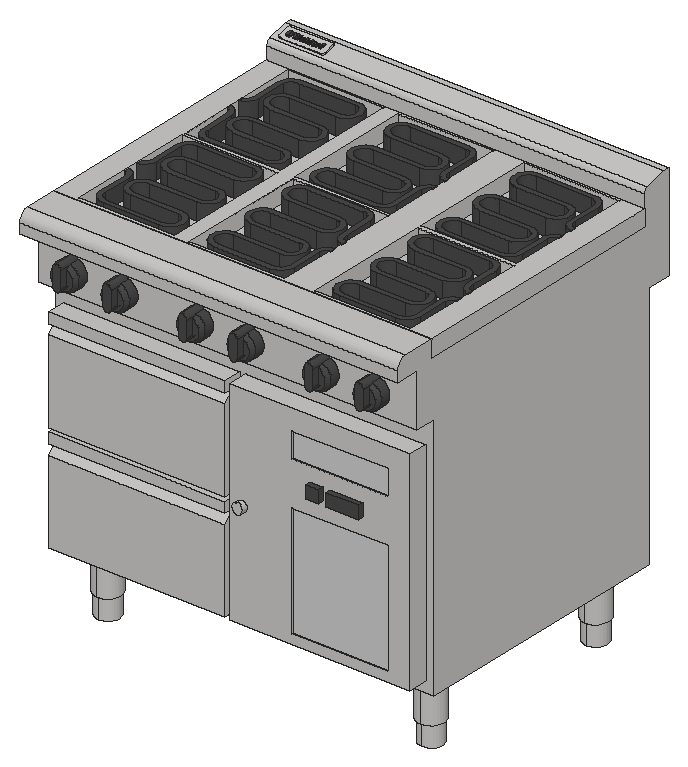
Revit family "QF_MOFFAT WALDORF_RNL8600E-RB", category Specialty Equipment, Revit 2012
Parameters
  Weight in Pounds = 286.6006
  Watts = 14400 W
  Volts = 415 V
  URL Cutsheet = "www.moffat.com"
  URL = "www.moffat.com"
  Type Mark [instance] = ""
  Status [instance] = ""
  Specification by User [instance] = ""
  Specification by Manufacturer = ""
  Show Logo [instance] = yes
  Show Door [instance] = no
  Show Clearance [instance] = yes
  Show Casters [instance] = no
  Serial Number = ""
  Seismic Rating = ""
  SMACNA No = ""
  Revision Code [instance] = ""
  Refrigerant Type = "R134a"
  Phase = 3
  Omniclass Number and Title = ""
  Number of Poles = 1
  NAFEM Spec ID Number = ""
  Model = "RNL8600E-RB"
  Min Ckt Ampacity = 0 A
  Max Overcurrent Protection = 0 A
  Masterspec = ""
  Manufacturer = "MOFFAT WALDORF"
  Legs [instance] = not(Show Casters)  # yes
  Item Number [instance] = ""
  Installed By [instance] = ""
  Identify Quantity as Lot [instance] = yes
  HP = ""
  Furnished By [instance] = ""
  Foodservice Equipment Identifier [instance] = yes
  FL Amps = 20 A
  Elec Conn RI Height = 0.0 mm
  Elec Conn Connection Height = 0.0 mm
  Drawer Clearance [instance] = and(Show Clearance, and(Drawer))  # yes
  Drawer [instance] = not(Show Door)  # yes
  Door Clearance [instance] = and(Show Clearance, and(Show Door))  # no
  Description = "COOK TOP LOW SPLASHBACK  ELECTRIC ON REFRIGERATED BASE"
  Cycle = 50 Hz
  Conn Plug = ""
  Conn Conduit = yes
  CSI MasterFormat = ""
  CSI Master Format = ""
  Base Height [instance] = 150.0 mm
  Apparent Power = if(Phase = 3, Volts * FL Amps * 1.73, Volts * FL Amps)  # 14359 VA
Reference planes
  plane 1 "BACK": y = 0
  plane 2: z = 0
  plane 3 "LEFT": x = 0
  plane 4 "RIGHT": x = 900
  plane 5 "FRONT": y = -805
  plane 6 "TOP": z = 970
  plane 7 "Center Y": x = 450
  plane 8 "Center X": y = -402.5
  plane 9 "Base Height": z = 150
  plane 10: z = 915
  plane 11: x = 65.8
  plane 12: y = -135
  plane 13: y = -625
Forms (mm)
  Extrusion 1, solid, material "QF_Finishes_Stainless Steel"
    sketch origin (0, 0, 0) x (0, 1, 0) y (0, 0, 1)
      loop
        line (-805, 891) -> (-805, 866) -> (-749, 866) -> (-749, 740) -> (-699, 740) -> (-699, 150) -> (-59, 150) -> (-59, 740) -> (0, 740) -> (0, 970) -> (-15, 970) -> (-61.106, 957.646)
        arc (-61.106, 957.646) -> (-67.52, 953.36) -> (-70, 946.055) r 12
        line (-70, 946.055) -> (-70, 875) -> (-705, 875) -> (-705, 915) -> (-781, 915)
        arc (-781, 915) -> (-797.971, 907.971) -> (-805, 891) r 24
    from 0 to 900
  Revolve 2, solid, material "QF_Finishes_Black"
    sketch origin (210, 0, 759.877) x (0, -1, 0) y (0, 0, 1)
      loop
        line (782, 69.605) -> (759, 69.605) -> (759, 42.105) -> (749, 42.105) -> (749, 37.105) -> (793, 37.105) -> (793, 63.757) -> (782, 69.605)
      axis (793, 37.105) -> (749, 37.105)
    angle from 0 to 360
  Extrusion 3, solid, material "QF_Finishes_Black"
    sketch origin (-78.431, 0, 655.88) x (1, 0, 0) y (0, 0, 1)
      loop
        line (298.431, 129) -> (298.431, 167.997)
        arc (298.431, 167.997) -> (288.431, 177.997) -> (278.431, 167.997) r 10
        line (278.431, 167.997) -> (278.431, 129)
        arc (278.431, 129) -> (288.431, 119) -> (298.431, 129) r 10
    from 759 to 808
  Revolve 4, solid, material "QF_Finishes_Black"
    sketch origin (89.999, 0, 759.75) x (0, 1, 0) y (0, 0, -1)
      loop
        line (-782, -69.5) -> (-759, -69.5) -> (-759, -42) -> (-749, -42) -> (-749, -37) -> (-793, -37) -> (-793, -63.651) -> (-782, -69.5)
      axis (-793, -37) -> (-749, -37)
    angle from 0 to 360
  Extrusion 5, solid, material "QF_Finishes_Black"
    sketch origin (228.269, 0, 759.908) x (-1, 0, 0) y (0, 0, -1)
      loop
        arc (148.269, -24.969) -> (138.269, -14.969) -> (128.269, -24.969) r 10
        line (128.269, -24.969) -> (128.269, -63.969)
        arc (128.269, -63.969) -> (138.269, -73.969) -> (148.269, -63.969) r 10
        line (148.269, -63.969) -> (148.269, -24.969)
    from 759 to 808
  Revolve 6, solid, material "QF_Finishes_Black"
    sketch origin (510, 0, 759.877) x (0, -1, 0) y (0, 0, 1)
      loop
        line (782, 69.605) -> (759, 69.605) -> (759, 42.105) -> (749, 42.105) -> (749, 37.105) -> (793, 37.105) -> (793, 63.757) -> (782, 69.605)
      axis (793, 37.105) -> (749, 37.105)
    angle from 0 to 360
  Extrusion 7, solid, material "QF_Finishes_Black"
    sketch origin (371.569, 0, 655.88) x (1, 0, 0) y (0, 0, 1)
      loop
        line (148.431, 129) -> (148.431, 167.997)
        arc (148.431, 167.997) -> (138.431, 177.997) -> (128.431, 167.997) r 10
        line (128.431, 167.997) -> (128.431, 129)
        arc (128.431, 129) -> (138.431, 119) -> (148.431, 129) r 10
    from 759 to 808
  Revolve 8, solid, material "QF_Finishes_Black"
    sketch origin (389.999, 0, 759.75) x (0, 1, 0) y (0, 0, -1)
      loop
        line (-782, -69.5) -> (-759, -69.5) -> (-759, -42) -> (-749, -42) -> (-749, -37) -> (-793, -37) -> (-793, -63.651) -> (-782, -69.5)
      axis (-793, -37) -> (-749, -37)
    angle from 0 to 360
  Extrusion 9, solid, material "QF_Finishes_Black"
    sketch origin (378.269, 0, 759.908) x (-1, 0, 0) y (0, 0, -1)
      loop
        arc (-1.731, -24.969) -> (-11.731, -14.969) -> (-21.731, -24.969) r 10
        line (-21.731, -24.969) -> (-21.731, -63.969)
        arc (-21.731, -63.969) -> (-11.731, -73.969) -> (-1.731, -63.969) r 10
        line (-1.731, -63.969) -> (-1.731, -24.969)
    from 759 to 808
  Revolve 10, solid, material "QF_Finishes_Black"
    sketch origin (810, 0, 759.877) x (0, -1, 0) y (0, 0, 1)
      loop
        line (782, 69.605) -> (759, 69.605) -> (759, 42.105) -> (749, 42.105) -> (749, 37.105) -> (793, 37.105) -> (793, 63.757) -> (782, 69.605)
      axis (793, 37.105) -> (749, 37.105)
    angle from 0 to 360
  Extrusion 11, solid, material "QF_Finishes_Black"
    sketch origin (671.569, 0, 655.88) x (1, 0, 0) y (0, 0, 1)
      loop
        line (148.431, 129) -> (148.431, 167.997)
        arc (148.431, 167.997) -> (138.431, 177.997) -> (128.431, 167.997) r 10
        line (128.431, 167.997) -> (128.431, 129)
        arc (128.431, 129) -> (138.431, 119) -> (148.431, 129) r 10
    from 759 to 808
  Revolve 12, solid, material "QF_Finishes_Black"
    sketch origin (689.999, 0, 759.75) x (0, 1, 0) y (0, 0, -1)
      loop
        line (-782, -69.5) -> (-759, -69.5) -> (-759, -42) -> (-749, -42) -> (-749, -37) -> (-793, -37) -> (-793, -63.651) -> (-782, -69.5)
      axis (-793, -37) -> (-749, -37)
    angle from 0 to 360
  Extrusion 13, solid, material "QF_Finishes_Black"
    sketch origin (678.269, 0, 759.908) x (-1, 0, 0) y (0, 0, -1)
      loop
        arc (-1.731, -24.969) -> (-11.731, -14.969) -> (-21.731, -24.969) r 10
        line (-21.731, -24.969) -> (-21.731, -63.969)
        arc (-21.731, -63.969) -> (-11.731, -73.969) -> (-1.731, -63.969) r 10
        line (-1.731, -63.969) -> (-1.731, -24.969)
    from 759 to 808
  Extrusion 14, solid, material "QF_Finishes_Stainless Steel"
    sketch origin (0, -77.318, 875) x (0, -1, 0) y (1, 0, 0)
      loop
        line (-6.318, 0) -> (627.682, 0) -> (627.682, 900) -> (-6.318, 900) -> (-6.318, 0)
      loop
        line (620.932, 54) -> (620.932, 282.75) -> (313.982, 282.75) -> (313.982, 54) -> (620.932, 54)
      loop
        line (-0.568, 54) -> (306.382, 54) -> (306.382, 282.75) -> (-0.568, 282.75) -> (-0.568, 54)
      loop
        line (-0.568, 317.25) -> (306.382, 317.25) -> (306.382, 546) -> (-0.568, 546) -> (-0.568, 317.25)
      loop
        line (620.932, 317.25) -> (620.932, 546) -> (313.982, 546) -> (313.982, 317.25) -> (620.932, 317.25)
      loop
        line (620.932, 846) -> (313.982, 846) -> (313.982, 617.25) -> (620.932, 617.25) -> (620.932, 846)
      loop
        line (-0.568, 846) -> (-0.568, 617.25) -> (306.382, 617.25) -> (306.382, 846) -> (-0.568, 846)
    from 0 to 40
  Extrusion 15, solid, material "QF_Finishes_Black"
    sketch origin (0, -77.318, 875) x (0, -1, 0) y (1, 0, 0)
      loop
        arc (13.186, 102.138) -> (21.947, 78.692) -> (44.714, 68.293) r 32.731
        line (44.714, 68.293) -> (115.973, 68.293)
        arc (115.973, 68.293) -> (127.597, 64.189) -> (134.535, 54) r 19.786
        line (134.535, 54) -> (146.838, 54)
        arc (146.838, 54) -> (136.19, 72.673) -> (116.093, 80.3) r 31.79
        line (116.093, 80.3) -> (44.955, 80.3)
        arc (44.955, 80.3) -> (30.607, 87.003) -> (25.182, 101.881) r 20.722
        line (25.182, 101.881) -> (25.182, 234.6)
        arc (25.182, 234.6) -> (46.882, 256.3) -> (68.582, 234.6) r 21.7
        line (68.582, 234.6) -> (68.582, 122)
        arc (68.582, 122) -> (102.282, 88.3) -> (135.982, 122) r 33.7
        line (135.982, 122) -> (135.982, 234.6)
        arc (135.982, 234.6) -> (157.682, 256.3) -> (179.382, 234.6) r 21.7
        line (179.382, 234.6) -> (179.382, 122)
        arc (179.382, 122) -> (213.082, 88.3) -> (246.782, 122) r 33.7
        line (246.782, 122) -> (246.782, 234.6)
        arc (246.782, 234.6) -> (268.482, 256.3) -> (290.182, 234.6) r 21.7
        line (290.182, 234.6) -> (290.182, 101.881)
        arc (290.182, 101.881) -> (284.758, 87.003) -> (270.41, 80.3) r 20.722
        line (270.41, 80.3) -> (199.266, 80.3)
        arc (199.266, 80.3) -> (179.15, 72.659) -> (168.432, 54) r 31.973
        line (168.432, 54) -> (180.746, 54)
        arc (180.746, 54) -> (187.746, 64.184) -> (199.399, 68.3) r 19.973
        line (199.399, 68.3) -> (270.649, 68.3)
        arc (270.649, 68.3) -> (293.407, 78.682) -> (302.182, 102.106) r 32.722
        line (302.182, 102.106) -> (302.182, 234.6)
        arc (302.182, 234.6) -> (268.482, 268.3) -> (234.782, 234.6) r 33.7
        line (234.782, 234.6) -> (234.782, 122)
        arc (234.782, 122) -> (213.082, 100.3) -> (191.382, 122) r 21.7
        line (191.382, 122) -> (191.382, 234.6)
        arc (191.382, 234.6) -> (157.682, 268.3) -> (123.982, 234.6) r 33.7
        line (123.982, 234.6) -> (123.982, 122)
        arc (123.982, 122) -> (102.282, 100.3) -> (80.582, 122) r 21.7
        line (80.582, 122) -> (80.582, 234.6)
        arc (80.582, 234.6) -> (46.884, 268.298) -> (13.186, 234.6) r 33.698
        line (13.186, 234.6) -> (13.186, 102.138)
      loop
        arc (318.186, 102.138) -> (326.947, 78.692) -> (349.714, 68.293) r 32.731
        line (349.714, 68.293) -> (420.973, 68.293)
        arc (420.973, 68.293) -> (432.597, 64.189) -> (439.535, 54) r 19.786
        line (439.535, 54) -> (451.838, 54)
        arc (451.838, 54) -> (441.19, 72.673) -> (421.093, 80.3) r 31.79
        line (421.093, 80.3) -> (349.955, 80.3)
        arc (349.955, 80.3) -> (335.607, 87.003) -> (330.182, 101.881) r 20.722
        line (330.182, 101.881) -> (330.182, 234.6)
        arc (330.182, 234.6) -> (351.882, 256.3) -> (373.582, 234.6) r 21.7
        line (373.582, 234.6) -> (373.582, 122)
        arc (373.582, 122) -> (407.282, 88.3) -> (440.982, 122) r 33.7
        line (440.982, 122) -> (440.982, 234.6)
        arc (440.982, 234.6) -> (462.682, 256.3) -> (484.382, 234.6) r 21.7
        line (484.382, 234.6) -> (484.382, 122)
        arc (484.382, 122) -> (518.082, 88.3) -> (551.782, 122) r 33.7
        line (551.782, 122) -> (551.782, 234.6)
        arc (551.782, 234.6) -> (573.482, 256.3) -> (595.182, 234.6) r 21.7
        line (595.182, 234.6) -> (595.182, 101.881)
        arc (595.182, 101.881) -> (589.758, 87.003) -> (575.41, 80.3) r 20.722
        line (575.41, 80.3) -> (504.266, 80.3)
        arc (504.266, 80.3) -> (484.15, 72.659) -> (473.432, 54) r 31.973
        line (473.432, 54) -> (485.746, 54)
        arc (485.746, 54) -> (492.746, 64.184) -> (504.399, 68.3) r 19.973
        line (504.399, 68.3) -> (575.649, 68.3)
        arc (575.649, 68.3) -> (598.407, 78.682) -> (607.182, 102.106) r 32.722
        line (607.182, 102.106) -> (607.182, 234.6)
        arc (607.182, 234.6) -> (573.482, 268.3) -> (539.782, 234.6) r 33.7
        line (539.782, 234.6) -> (539.782, 122)
        arc (539.782, 122) -> (518.082, 100.3) -> (496.382, 122) r 21.7
        line (496.382, 122) -> (496.382, 234.6)
        arc (496.382, 234.6) -> (462.682, 268.3) -> (428.982, 234.6) r 33.7
        line (428.982, 234.6) -> (428.982, 122)
        arc (428.982, 122) -> (407.282, 100.3) -> (385.582, 122) r 21.7
        line (385.582, 122) -> (385.582, 234.6)
        arc (385.582, 234.6) -> (351.884, 268.298) -> (318.186, 234.6) r 33.698
        line (318.186, 234.6) -> (318.186, 102.138)
      loop
        line (13.186, 497.862) -> (13.186, 365.4)
        arc (13.186, 365.4) -> (46.884, 331.702) -> (80.582, 365.4) r 33.698
        line (80.582, 365.4) -> (80.582, 478)
        arc (80.582, 478) -> (102.282, 499.7) -> (123.982, 478) r 21.7
        line (123.982, 478) -> (123.982, 365.4)
        arc (123.982, 365.4) -> (157.682, 331.7) -> (191.382, 365.4) r 33.7
        line (191.382, 365.4) -> (191.382, 478)
        arc (191.382, 478) -> (213.082, 499.7) -> (234.782, 478) r 21.7
        line (234.782, 478) -> (234.782, 365.4)
        arc (234.782, 365.4) -> (268.482, 331.7) -> (302.182, 365.4) r 33.7
        line (302.182, 365.4) -> (302.182, 497.894)
        arc (302.182, 497.894) -> (293.407, 521.318) -> (270.649, 531.7) r 32.722
        line (270.649, 531.7) -> (199.399, 531.7)
        arc (199.399, 531.7) -> (187.746, 535.816) -> (180.746, 546) r 19.973
        line (180.746, 546) -> (168.432, 546)
        arc (168.432, 546) -> (179.15, 527.341) -> (199.266, 519.7) r 31.973
        line (199.266, 519.7) -> (270.41, 519.7)
        arc (270.41, 519.7) -> (284.758, 512.997) -> (290.182, 498.119) r 20.722
        line (290.182, 498.119) -> (290.182, 365.4)
        arc (290.182, 365.4) -> (268.482, 343.7) -> (246.782, 365.4) r 21.7
        line (246.782, 365.4) -> (246.782, 478)
        arc (246.782, 478) -> (213.082, 511.7) -> (179.382, 478) r 33.7
        line (179.382, 478) -> (179.382, 365.4)
        arc (179.382, 365.4) -> (157.682, 343.7) -> (135.982, 365.4) r 21.7
        line (135.982, 365.4) -> (135.982, 478)
        arc (135.982, 478) -> (102.282, 511.7) -> (68.582, 478) r 33.7
        line (68.582, 478) -> (68.582, 365.4)
        arc (68.582, 365.4) -> (46.882, 343.7) -> (25.182, 365.4) r 21.7
        line (25.182, 365.4) -> (25.182, 498.119)
        arc (25.182, 498.119) -> (30.607, 512.997) -> (44.955, 519.7) r 20.722
        line (44.955, 519.7) -> (116.093, 519.7)
        arc (116.093, 519.7) -> (136.19, 527.327) -> (146.838, 546) r 31.79
        line (146.838, 546) -> (134.535, 546)
        arc (134.535, 546) -> (127.597, 535.811) -> (115.973, 531.707) r 19.786
        line (115.973, 531.707) -> (44.714, 531.707)
        arc (44.714, 531.707) -> (21.947, 521.308) -> (13.186, 497.862) r 32.731
      loop
        line (318.186, 497.862) -> (318.186, 365.4)
        arc (318.186, 365.4) -> (351.884, 331.702) -> (385.582, 365.4) r 33.698
        line (385.582, 365.4) -> (385.582, 478)
        arc (385.582, 478) -> (407.282, 499.7) -> (428.982, 478) r 21.7
        line (428.982, 478) -> (428.982, 365.4)
        arc (428.982, 365.4) -> (462.682, 331.7) -> (496.382, 365.4) r 33.7
        line (496.382, 365.4) -> (496.382, 478)
        arc (496.382, 478) -> (518.082, 499.7) -> (539.782, 478) r 21.7
        line (539.782, 478) -> (539.782, 365.4)
        arc (539.782, 365.4) -> (573.482, 331.7) -> (607.182, 365.4) r 33.7
        line (607.182, 365.4) -> (607.182, 497.894)
        arc (607.182, 497.894) -> (598.407, 521.318) -> (575.649, 531.7) r 32.722
        line (575.649, 531.7) -> (504.399, 531.7)
        arc (504.399, 531.7) -> (492.746, 535.816) -> (485.746, 546) r 19.973
        line (485.746, 546) -> (473.432, 546)
        arc (473.432, 546) -> (484.15, 527.341) -> (504.266, 519.7) r 31.973
        line (504.266, 519.7) -> (575.41, 519.7)
        arc (575.41, 519.7) -> (589.758, 512.997) -> (595.182, 498.119) r 20.722
        line (595.182, 498.119) -> (595.182, 365.4)
        arc (595.182, 365.4) -> (573.482, 343.7) -> (551.782, 365.4) r 21.7
        line (551.782, 365.4) -> (551.782, 478)
        arc (551.782, 478) -> (518.082, 511.7) -> (484.382, 478) r 33.7
        line (484.382, 478) -> (484.382, 365.4)
        arc (484.382, 365.4) -> (462.682, 343.7) -> (440.982, 365.4) r 21.7
        line (440.982, 365.4) -> (440.982, 478)
        arc (440.982, 478) -> (407.282, 511.7) -> (373.582, 478) r 33.7
        line (373.582, 478) -> (373.582, 365.4)
        arc (373.582, 365.4) -> (351.882, 343.7) -> (330.182, 365.4) r 21.7
        line (330.182, 365.4) -> (330.182, 498.119)
        arc (330.182, 498.119) -> (335.607, 512.997) -> (349.955, 519.7) r 20.722
        line (349.955, 519.7) -> (421.093, 519.7)
        arc (421.093, 519.7) -> (441.19, 527.327) -> (451.838, 546) r 31.79
        line (451.838, 546) -> (439.535, 546)
        arc (439.535, 546) -> (432.597, 535.811) -> (420.973, 531.707) r 19.786
        line (420.973, 531.707) -> (349.714, 531.707)
        arc (349.714, 531.707) -> (326.947, 521.308) -> (318.186, 497.862) r 32.731
      loop
        line (13.186, 797.862) -> (13.186, 665.4)
        arc (13.186, 665.4) -> (46.884, 631.702) -> (80.582, 665.4) r 33.698
        line (80.582, 665.4) -> (80.582, 778)
        arc (80.582, 778) -> (102.282, 799.7) -> (123.982, 778) r 21.7
        line (123.982, 778) -> (123.982, 665.4)
        arc (123.982, 665.4) -> (157.682, 631.7) -> (191.382, 665.4) r 33.7
        line (191.382, 665.4) -> (191.382, 778)
        arc (191.382, 778) -> (213.082, 799.7) -> (234.782, 778) r 21.7
        line (234.782, 778) -> (234.782, 665.4)
        arc (234.782, 665.4) -> (268.482, 631.7) -> (302.182, 665.4) r 33.7
        line (302.182, 665.4) -> (302.182, 797.894)
        arc (302.182, 797.894) -> (293.407, 821.318) -> (270.649, 831.7) r 32.722
        line (270.649, 831.7) -> (199.399, 831.7)
        arc (199.399, 831.7) -> (187.746, 835.816) -> (180.746, 846) r 19.973
        line (180.746, 846) -> (168.432, 846)
        arc (168.432, 846) -> (179.15, 827.341) -> (199.266, 819.7) r 31.973
        line (199.266, 819.7) -> (270.41, 819.7)
        arc (270.41, 819.7) -> (284.758, 812.997) -> (290.182, 798.119) r 20.722
        line (290.182, 798.119) -> (290.182, 665.4)
        arc (290.182, 665.4) -> (268.482, 643.7) -> (246.782, 665.4) r 21.7
        line (246.782, 665.4) -> (246.782, 778)
        arc (246.782, 778) -> (213.082, 811.7) -> (179.382, 778) r 33.7
        line (179.382, 778) -> (179.382, 665.4)
        arc (179.382, 665.4) -> (157.682, 643.7) -> (135.982, 665.4) r 21.7
        line (135.982, 665.4) -> (135.982, 778)
        arc (135.982, 778) -> (102.282, 811.7) -> (68.582, 778) r 33.7
        line (68.582, 778) -> (68.582, 665.4)
        arc (68.582, 665.4) -> (46.882, 643.7) -> (25.182, 665.4) r 21.7
        line (25.182, 665.4) -> (25.182, 798.119)
        arc (25.182, 798.119) -> (30.607, 812.997) -> (44.955, 819.7) r 20.722
        line (44.955, 819.7) -> (116.093, 819.7)
        arc (116.093, 819.7) -> (136.19, 827.327) -> (146.838, 846) r 31.79
        line (146.838, 846) -> (134.535, 846)
        arc (134.535, 846) -> (127.597, 835.811) -> (115.973, 831.707) r 19.786
        line (115.973, 831.707) -> (44.714, 831.707)
        arc (44.714, 831.707) -> (21.947, 821.308) -> (13.186, 797.862) r 32.731
      loop
        line (318.186, 797.862) -> (318.186, 665.4)
        arc (318.186, 665.4) -> (351.884, 631.702) -> (385.582, 665.4) r 33.698
        line (385.582, 665.4) -> (385.582, 778)
        arc (385.582, 778) -> (407.282, 799.7) -> (428.982, 778) r 21.7
        line (428.982, 778) -> (428.982, 665.4)
        arc (428.982, 665.4) -> (462.682, 631.7) -> (496.382, 665.4) r 33.7
        line (496.382, 665.4) -> (496.382, 778)
        arc (496.382, 778) -> (518.082, 799.7) -> (539.782, 778) r 21.7
        line (539.782, 778) -> (539.782, 665.4)
        arc (539.782, 665.4) -> (573.482, 631.7) -> (607.182, 665.4) r 33.7
        line (607.182, 665.4) -> (607.182, 797.894)
        arc (607.182, 797.894) -> (598.407, 821.318) -> (575.649, 831.7) r 32.722
        line (575.649, 831.7) -> (504.399, 831.7)
        arc (504.399, 831.7) -> (492.746, 835.816) -> (485.746, 846) r 19.973
        line (485.746, 846) -> (473.432, 846)
        arc (473.432, 846) -> (484.15, 827.341) -> (504.266, 819.7) r 31.973
        line (504.266, 819.7) -> (575.41, 819.7)
        arc (575.41, 819.7) -> (589.758, 812.997) -> (595.182, 798.119) r 20.722
        line (595.182, 798.119) -> (595.182, 665.4)
        arc (595.182, 665.4) -> (573.482, 643.7) -> (551.782, 665.4) r 21.7
        line (551.782, 665.4) -> (551.782, 778)
        arc (551.782, 778) -> (518.082, 811.7) -> (484.382, 778) r 33.7
        line (484.382, 778) -> (484.382, 665.4)
        arc (484.382, 665.4) -> (462.682, 643.7) -> (440.982, 665.4) r 21.7
        line (440.982, 665.4) -> (440.982, 778)
        arc (440.982, 778) -> (407.282, 811.7) -> (373.582, 778) r 33.7
        line (373.582, 778) -> (373.582, 665.4)
        arc (373.582, 665.4) -> (351.882, 643.7) -> (330.182, 665.4) r 21.7
        line (330.182, 665.4) -> (330.182, 798.119)
        arc (330.182, 798.119) -> (335.607, 812.997) -> (349.955, 819.7) r 20.722
        line (349.955, 819.7) -> (421.093, 819.7)
        arc (421.093, 819.7) -> (441.19, 827.327) -> (451.838, 846) r 31.79
        line (451.838, 846) -> (439.535, 846)
        arc (439.535, 846) -> (432.597, 835.811) -> (420.973, 831.707) r 19.786
        line (420.973, 831.707) -> (349.714, 831.707)
        arc (349.714, 831.707) -> (326.947, 821.308) -> (318.186, 797.862) r 32.731
    from 0 to 40
  Revolve 16, solid, material "QF_Finishes_Stainless Steel", visible <- "Legs"
    sketch origin (65, -200, 0) x (0, 1, 0) y (0, 0, 1)
      loop
        line (33.25, 150) -> (33.25, 50) -> (37.5, 50) -> (37.5, 0) -> (65, 0) -> (65, 150) -> (33.25, 150)
      axis (65, 150) -> (65, 0)
    angle from 0 to 360
  Revolve 17, solid, material "QF_Finishes_Stainless Steel"
    sketch origin (65, -735, 0) x (0, 1, 0) y (0, 0, 1)
      loop
        line (78.25, 150) -> (78.25, 50) -> (82.5, 50) -> (82.5, 0) -> (110, 0) -> (110, 150) -> (78.25, 150)
      axis (110, 150) -> (110, 0)
    angle from 0 to 360
  Revolve 18, solid, material "QF_Finishes_Stainless Steel", visible <- "Legs"
    sketch origin (835, -200, 0) x (0, 1, 0) y (0, 0, -1)
      loop
        line (33.25, -150) -> (65, -150) -> (65, 0) -> (37.5, 0) -> (37.5, -50) -> (33.25, -50) -> (33.25, -150)
      axis (65, -150) -> (65, 0)
    angle from 0 to 360
  Revolve 19, solid, material "QF_Finishes_Stainless Steel"
    sketch origin (835, -735, 0) x (0, 1, 0) y (0, 0, -1)
      loop
        line (78.25, -150) -> (110, -150) -> (110, 0) -> (82.5, 0) -> (82.5, -50) -> (78.25, -50) -> (78.25, -150)
      axis (110, -150) -> (110, 0)
    angle from 0 to 360
  Extrusion 20, solid, material "QF_Finishes_Stainless Steel"
    sketch origin (0, -699, 740) x (1, 0, 0) y (0, -1, 0)
      loop
        circle (756.276, -660.313) r 6.35
    from 0 to 1.6
  Extrusion 21, solid, material "QF_Finishes_Stainless Steel"
    sketch origin (0, -699, 866) x (0, 0, -1) y (1, 0, 0)
      loop
        line (185.5, 881) -> (185.5, 453) -> (689.5, 453) -> (689.5, 881) -> (185.5, 881)
      loop
        line (667, 831) -> (397, 831) -> (397, 601) -> (667, 601) -> (667, 831)
      loop
        line (233, 831) -> (233, 601) -> (293, 601) -> (293, 831) -> (233, 831)
    from 0 to 48
  Extrusion 22, solid, material "QF_Finishes_Black"
    sketch origin (0, -747, 866) x (0, 0, -1) y (1, 0, 0)
      loop
        line (327.46, 644.926) -> (357.46, 644.926) -> (357.46, 674.926) -> (327.46, 674.926) -> (327.46, 644.926)
      loop
        line (327.46, 692.503) -> (357.46, 692.503) -> (357.46, 770.815) -> (327.46, 770.815) -> (327.46, 692.503)
    from 0 to 12.7
  Extrusion 23, solid, material "QF_Finishes_Stainless Steel"
    sketch origin (0, -747, 866) x (0, 0, -1) y (1, 0, 0)
      loop
        circle (436.229, 480.856) r 12.395
    from 0 to 12.7
  Extrusion 24, solid, material "QF_Finishes_Vents"
    sketch origin (0, -699, 866) x (0, 0, 1) y (1, 0, 0)
      loop
        line (-293, 601) -> (-233, 601) -> (-233, 831) -> (-293, 831) -> (-293, 601)
      loop
        line (-397, 601) -> (-397, 831) -> (-667, 831) -> (-667, 601) -> (-397, 601)
    from 0 to -44.529
Lines and regions (mm)
  Split face 1
    outline origin (49.063, -19.972, 968.668) x (0, -0.965926, -0.258819) y (1, 0, 0)
      loop
        line (0.03, 105.5) -> (33.432, 105.5) -> (33.432, 125.5) -> (0.03, 125.5) -> (0.03, 105.5)
  Split face 2
    outline origin (99.063, -19.972, 968.668) x (0, -0.965926, -0.258819) y (1, 0, 0)
      loop
        line (0.03, 105.5) -> (33.432, 105.5) -> (33.432, 125.5) -> (0.03, 125.5) -> (0.03, 105.5)
  Split face 3
    outline origin (149.062, -19.972, 968.668) x (0, -0.965926, -0.258819) y (1, 0, 0)
      loop
        line (0.03, 105.5) -> (33.432, 105.5) -> (33.432, 125.5) -> (0.03, 125.5) -> (0.03, 105.5)
  Split face 4
    outline origin (199.063, -19.972, 968.668) x (0, -0.965926, -0.258819) y (1, 0, 0)
      loop
        line (0.03, 105.5) -> (33.432, 105.5) -> (33.432, 125.5) -> (0.03, 125.5) -> (0.03, 105.5)
  Split face 5
    outline origin (249.062, -19.972, 968.668) x (0, -0.965926, -0.258819) y (1, 0, 0)
      loop
        line (0.03, 105.5) -> (33.432, 105.5) -> (33.432, 125.5) -> (0.03, 125.5) -> (0.03, 105.5)
  Split face 6
    outline origin (299.062, -19.972, 968.668) x (0, -0.965926, -0.258819) y (1, 0, 0)
      loop
        line (0.03, 105.5) -> (33.432, 105.5) -> (33.432, 125.5) -> (0.03, 125.5) -> (0.03, 105.5)
  Split face 7
    outline origin (349.062, -19.972, 968.668) x (0, -0.965926, -0.258819) y (1, 0, 0)
      loop
        line (0.03, 105.5) -> (33.432, 105.5) -> (33.432, 125.5) -> (0.03, 125.5) -> (0.03, 105.5)
  Split face 8
    outline origin (399.062, -19.972, 968.668) x (0, -0.965926, -0.258819) y (1, 0, 0)
      loop
        line (0.03, 105.5) -> (33.432, 105.5) -> (33.432, 125.5) -> (0.03, 125.5) -> (0.03, 105.5)
  Split face 9
    outline origin (449.062, -19.972, 968.668) x (0, -0.965926, -0.258819) y (1, 0, 0)
      loop
        line (0.03, 105.5) -> (33.432, 105.5) -> (33.432, 125.5) -> (0.03, 125.5) -> (0.03, 105.5)
  Split face 10
    outline origin (499.062, -19.972, 968.668) x (0, -0.965926, -0.258819) y (1, 0, 0)
      loop
        line (0.03, 105.5) -> (33.432, 105.5) -> (33.432, 125.5) -> (0.03, 125.5) -> (0.03, 105.5)
  Split face 11
    outline origin (549.062, -19.972, 968.668) x (0, -0.965926, -0.258819) y (1, 0, 0)
      loop
        line (0.03, 105.5) -> (33.432, 105.5) -> (33.432, 125.5) -> (0.03, 125.5) -> (0.03, 105.5)
  Split face 12
    outline origin (599.062, -19.972, 968.668) x (0, -0.965926, -0.258819) y (1, 0, 0)
      loop
        line (0.03, 105.5) -> (33.432, 105.5) -> (33.432, 125.5) -> (0.03, 125.5) -> (0.03, 105.5)
  symbolic lines, visible <- "Show Logo"
    curve 1: line (12.5, -52.06, 0) -> (12.5, -21.099, 0)
    curve 2: line (121.5, -21.099, 0) -> (121.5, -52.06, 0)
    curve 3: line (12.5, -21.099, 0) -> (121.5, -21.099, 0)
    curve 4: line (12.5, -52.06, 0) -> (121.5, -52.06, 0)
  symbolic lines
    curve 5: line (154.563, -50.782, 0) -> (154.563, -20.984, 0)
    curve 6: line (154.563, -20.984, 0) -> (174.562, -20.984, 0)
    curve 7: line (174.562, -20.984, 0) -> (174.562, -50.782, 0)
    curve 8: line (174.562, -50.782, 0) -> (154.563, -50.782, 0)
    curve 9: line (204.563, -20.984, 0) -> (204.563, -50.782, 0)
    curve 10: line (204.563, -50.782, 0) -> (224.562, -50.782, 0)
    curve 11: line (224.562, -50.782, 0) -> (224.562, -20.984, 0)
    curve 12: line (224.562, -20.984, 0) -> (204.563, -20.984, 0)
    curve 13: line (254.563, -20.984, 0) -> (254.563, -50.782, 0)
    curve 14: line (254.563, -50.782, 0) -> (274.562, -50.782, 0)
    curve 15: line (274.562, -50.782, 0) -> (274.562, -20.984, 0)
    curve 16: line (274.562, -20.984, 0) -> (254.563, -20.984, 0)
    curve 17: line (304.563, -20.984, 0) -> (304.563, -50.782, 0)
    curve 18: line (304.563, -50.782, 0) -> (324.563, -50.782, 0)
    curve 19: line (324.563, -50.782, 0) -> (324.563, -20.984, 0)
    curve 20: line (324.563, -20.984, 0) -> (304.563, -20.984, 0)
    curve 21: line (354.563, -20.984, 0) -> (354.563, -50.782, 0)
    curve 22: line (354.563, -50.782, 0) -> (374.563, -50.782, 0)
    curve 23: line (374.563, -50.782, 0) -> (374.563, -20.984, 0)
    curve 24: line (374.563, -20.984, 0) -> (354.563, -20.984, 0)
    curve 25: line (404.563, -50.782, 0) -> (404.563, -20.984, 0)
    curve 26: line (404.563, -20.984, 0) -> (424.563, -20.984, 0)
    curve 27: line (424.563, -20.984, 0) -> (424.563, -50.782, 0)
    curve 28: line (424.563, -50.782, 0) -> (404.563, -50.782, 0)
    curve 29: line (454.563, -50.782, 0) -> (454.563, -20.984, 0)
    curve 30: line (454.563, -20.984, 0) -> (474.563, -20.984, 0)
    curve 31: line (474.563, -20.984, 0) -> (474.563, -50.782, 0)
    curve 32: line (474.563, -50.782, 0) -> (454.563, -50.782, 0)
    curve 33: line (504.563, -20.984, 0) -> (504.563, -50.782, 0)
    curve 34: line (504.563, -50.782, 0) -> (524.563, -50.782, 0)
    curve 35: line (524.563, -50.782, 0) -> (524.563, -20.984, 0)
    curve 36: line (524.563, -20.984, 0) -> (504.563, -20.984, 0)
    curve 37: line (554.563, -50.782, 0) -> (554.563, -20.984, 0)
    curve 38: line (554.563, -20.984, 0) -> (574.563, -20.984, 0)
    curve 39: line (574.563, -20.984, 0) -> (574.563, -50.782, 0)
    curve 40: line (574.563, -50.782, 0) -> (554.563, -50.782, 0)
    curve 41: line (604.563, -50.782, 0) -> (604.563, -20.984, 0)
    curve 42: line (604.563, -20.984, 0) -> (624.563, -20.984, 0)
    curve 43: line (624.563, -20.984, 0) -> (624.563, -50.782, 0)
    curve 44: line (624.563, -50.782, 0) -> (604.563, -50.782, 0)
    curve 45: line (654.563, -50.782, 0) -> (654.563, -20.984, 0)
    curve 46: line (654.563, -20.984, 0) -> (674.563, -20.984, 0)
    curve 47: line (674.563, -20.984, 0) -> (674.563, -50.782, 0)
    curve 48: line (674.563, -50.782, 0) -> (654.563, -50.782, 0)
    curve 49: line (724.563, -50.782, 0) -> (704.563, -50.782, 0)
    curve 50: line (704.563, -50.782, 0) -> (704.563, -20.984, 0)
    curve 51: line (704.563, -20.984, 0) -> (724.563, -20.984, 0)
    curve 52: line (724.563, -20.984, 0) -> (724.563, -50.782, 0)
    curve 53: line (0, -805, 0) -> (900, -805, 0)
    curve 54: line (0, 0, 0) -> (0, -805, 0)
    curve 55: line (900, -805, 0) -> (900, 0, 0)
    curve 56: line (900, 0, 0) -> (0, 0, 0)
    curve 57: line (0, -70, 0) -> (900, -70, 0)
    curve 58: line (900, -705, 0) -> (0, -705, 0)
    curve 59: arc (54, -218.043, 0) -> (68.436, -209.222, 0) -> (74.3, -193.354, 0) r 25.79
    curve 60: line (74.3, -193.354, 0) -> (74.3, -122.146, 0)
    curve 61: arc (74.3, -122.146, 0) -> (82.847, -103.595, 0) -> (102, -96.5, 0) r 26.722
    curve 62: line (102, -96.5, 0) -> (234.6, -96.5, 0)
    curve 63: arc (234.6, -96.5, 0) -> (262.3, -124.2, 0) -> (234.6, -151.9, 0) r 27.7
    curve 64: line (234.6, -151.9, 0) -> (122, -151.9, 0)
    curve 65: arc (122, -151.9, 0) -> (94.3, -179.6, 0) -> (122, -207.3, 0) r 27.7
    curve 66: line (122, -207.3, 0) -> (234.6, -207.3, 0)
    curve 67: arc (234.6, -207.3, 0) -> (262.3, -235, 0) -> (234.6, -262.7, 0) r 27.7
    curve 68: line (234.6, -262.7, 0) -> (122, -262.7, 0)
    curve 69: arc (122, -262.7, 0) -> (94.3, -290.4, 0) -> (122, -318.1, 0) r 27.7
    curve 70: line (122, -318.1, 0) -> (234.6, -318.1, 0)
    curve 71: arc (234.6, -318.1, 0) -> (262.3, -345.8, 0) -> (234.6, -373.5, 0) r 27.7
    curve 72: line (234.6, -373.5, 0) -> (102, -373.5, 0)
    curve 73: arc (102, -373.5, 0) -> (82.847, -366.405, 0) -> (74.3, -347.854, 0) r 26.722
    curve 74: line (74.3, -347.854, 0) -> (74.3, -276.646, 0)
    curve 75: arc (74.3, -276.646, 0) -> (68.424, -260.755, 0) -> (54, -251.869, 0) r 25.973
    curve 76: arc (54, -523.043, 0) -> (68.436, -514.222, 0) -> (74.3, -498.354, 0) r 25.79
    curve 77: line (74.3, -498.354, 0) -> (74.3, -427.146, 0)
    curve 78: arc (74.3, -427.146, 0) -> (82.847, -408.595, 0) -> (102, -401.5, 0) r 26.722
    curve 79: line (102, -401.5, 0) -> (234.6, -401.5, 0)
    curve 80: arc (234.6, -401.5, 0) -> (262.3, -429.2, 0) -> (234.6, -456.9, 0) r 27.7
    curve 81: line (234.6, -456.9, 0) -> (122, -456.9, 0)
    curve 82: arc (122, -456.9, 0) -> (94.3, -484.6, 0) -> (122, -512.3, 0) r 27.7
    curve 83: line (122, -512.3, 0) -> (234.6, -512.3, 0)
    curve 84: arc (234.6, -512.3, 0) -> (262.3, -540, 0) -> (234.6, -567.7, 0) r 27.7
    curve 85: line (234.6, -567.7, 0) -> (122, -567.7, 0)
    curve 86: arc (122, -567.7, 0) -> (94.3, -595.4, 0) -> (122, -623.1, 0) r 27.7
    curve 87: line (122, -623.1, 0) -> (234.6, -623.1, 0)
    curve 88: arc (234.6, -623.1, 0) -> (262.3, -650.8, 0) -> (234.6, -678.5, 0) r 27.7
    curve 89: line (234.6, -678.5, 0) -> (102, -678.5, 0)
    curve 90: arc (102, -678.5, 0) -> (82.847, -671.405, 0) -> (74.3, -652.854, 0) r 26.722
    curve 91: line (74.3, -652.854, 0) -> (74.3, -581.646, 0)
    curve 92: arc (74.3, -581.646, 0) -> (68.424, -565.755, 0) -> (54, -556.869, 0) r 25.973
    curve 93: arc (545.338, -218.043, 0) -> (530.902, -209.222, 0) -> (525.038, -193.354, 0) r 25.79
    curve 94: line (525.038, -193.354, 0) -> (525.038, -122.146, 0)
    curve 95: arc (525.038, -122.146, 0) -> (516.491, -103.595, 0) -> (497.338, -96.5, 0) r 26.722
    curve 96: line (497.338, -96.5, 0) -> (364.738, -96.5, 0)
    curve 97: arc (364.738, -96.5, 0) -> (337.038, -124.2, 0) -> (364.738, -151.9, 0) r 27.7
    curve 98: line (364.738, -151.9, 0) -> (477.338, -151.9, 0)
    curve 99: arc (477.338, -151.9, 0) -> (505.038, -179.6, 0) -> (477.338, -207.3, 0) r 27.7
    curve 100: line (477.338, -207.3, 0) -> (364.738, -207.3, 0)
    curve 101: arc (364.738, -207.3, 0) -> (337.038, -235, 0) -> (364.738, -262.7, 0) r 27.7
    curve 102: line (364.738, -262.7, 0) -> (477.338, -262.7, 0)
    curve 103: arc (477.338, -262.7, 0) -> (505.038, -290.4, 0) -> (477.338, -318.1, 0) r 27.7
    curve 104: line (477.338, -318.1, 0) -> (364.738, -318.1, 0)
    curve 105: arc (364.738, -318.1, 0) -> (337.038, -345.8, 0) -> (364.738, -373.5, 0) r 27.7
    curve 106: line (364.738, -373.5, 0) -> (497.338, -373.5, 0)
    curve 107: arc (497.338, -373.5, 0) -> (516.491, -366.405, 0) -> (525.038, -347.854, 0) r 26.722
    curve 108: line (525.038, -347.854, 0) -> (525.038, -276.646, 0)
    curve 109: arc (525.038, -276.646, 0) -> (530.914, -260.755, 0) -> (545.338, -251.869, 0) r 25.973
    curve 110: arc (545.338, -523.043, 0) -> (530.902, -514.222, 0) -> (525.038, -498.354, 0) r 25.79
    curve 111: line (525.038, -498.354, 0) -> (525.038, -427.146, 0)
    curve 112: arc (525.038, -427.146, 0) -> (516.491, -408.595, 0) -> (497.338, -401.5, 0) r 26.722
    curve 113: line (497.338, -401.5, 0) -> (364.738, -401.5, 0)
    curve 114: arc (364.738, -401.5, 0) -> (337.038, -429.2, 0) -> (364.738, -456.9, 0) r 27.7
    curve 115: line (364.738, -456.9, 0) -> (477.338, -456.9, 0)
    curve 116: arc (477.338, -456.9, 0) -> (505.038, -484.6, 0) -> (477.338, -512.3, 0) r 27.7
    curve 117: line (477.338, -512.3, 0) -> (364.738, -512.3, 0)
    curve 118: arc (364.738, -512.3, 0) -> (337.038, -540, 0) -> (364.738, -567.7, 0) r 27.7
    curve 119: line (364.738, -567.7, 0) -> (477.338, -567.7, 0)
    curve 120: arc (477.338, -567.7, 0) -> (505.038, -595.4, 0) -> (477.338, -623.1, 0) r 27.7
    curve 121: line (477.338, -623.1, 0) -> (364.738, -623.1, 0)
    curve 122: arc (364.738, -623.1, 0) -> (337.038, -650.8, 0) -> (364.738, -678.5, 0) r 27.7
    curve 123: line (364.738, -678.5, 0) -> (497.338, -678.5, 0)
    curve 124: arc (497.338, -678.5, 0) -> (516.491, -671.405, 0) -> (525.038, -652.854, 0) r 26.722
    curve 125: line (525.038, -652.854, 0) -> (525.038, -581.646, 0)
    curve 126: arc (525.038, -581.646, 0) -> (530.914, -565.755, 0) -> (545.338, -556.869, 0) r 25.973
    curve 127: arc (845.338, -218.043, 0) -> (830.902, -209.222, 0) -> (825.038, -193.354, 0) r 25.79
    curve 128: line (825.038, -193.354, 0) -> (825.038, -122.146, 0)
    curve 129: arc (825.038, -122.146, 0) -> (816.491, -103.595, 0) -> (797.338, -96.5, 0) r 26.722
    curve 130: line (797.338, -96.5, 0) -> (664.738, -96.5, 0)
    curve 131: arc (664.738, -96.5, 0) -> (637.038, -124.2, 0) -> (664.738, -151.9, 0) r 27.7
    curve 132: line (664.738, -151.9, 0) -> (777.338, -151.9, 0)
    curve 133: arc (777.338, -151.9, 0) -> (805.038, -179.6, 0) -> (777.338, -207.3, 0) r 27.7
    curve 134: line (777.338, -207.3, 0) -> (664.738, -207.3, 0)
    curve 135: arc (664.738, -207.3, 0) -> (637.038, -235, 0) -> (664.738, -262.7, 0) r 27.7
    curve 136: line (664.738, -262.7, 0) -> (777.338, -262.7, 0)
    curve 137: arc (777.338, -262.7, 0) -> (805.038, -290.4, 0) -> (777.338, -318.1, 0) r 27.7
    curve 138: line (777.338, -318.1, 0) -> (664.738, -318.1, 0)
    curve 139: arc (664.738, -318.1, 0) -> (637.038, -345.8, 0) -> (664.738, -373.5, 0) r 27.7
    curve 140: line (664.738, -373.5, 0) -> (797.338, -373.5, 0)
    curve 141: arc (797.338, -373.5, 0) -> (816.491, -366.405, 0) -> (825.038, -347.854, 0) r 26.722
    curve 142: line (825.038, -347.854, 0) -> (825.038, -276.646, 0)
    curve 143: arc (825.038, -276.646, 0) -> (830.914, -260.755, 0) -> (845.338, -251.869, 0) r 25.973
    curve 144: arc (845.338, -523.043, 0) -> (830.902, -514.222, 0) -> (825.038, -498.354, 0) r 25.79
    curve 145: line (825.038, -498.354, 0) -> (825.038, -427.146, 0)
    curve 146: arc (825.038, -427.146, 0) -> (816.491, -408.595, 0) -> (797.338, -401.5, 0) r 26.722
    curve 147: line (797.338, -401.5, 0) -> (664.738, -401.5, 0)
    curve 148: arc (664.738, -401.5, 0) -> (637.038, -429.2, 0) -> (664.738, -456.9, 0) r 27.7
    curve 149: line (664.738, -456.9, 0) -> (777.338, -456.9, 0)
    curve 150: arc (777.338, -456.9, 0) -> (805.038, -484.6, 0) -> (777.338, -512.3, 0) r 27.7
    curve 151: line (777.338, -512.3, 0) -> (664.738, -512.3, 0)
    curve 152: arc (664.738, -512.3, 0) -> (637.038, -540, 0) -> (664.738, -567.7, 0) r 27.7
    curve 153: line (664.738, -567.7, 0) -> (777.338, -567.7, 0)
    curve 154: arc (777.338, -567.7, 0) -> (805.038, -595.4, 0) -> (777.338, -623.1, 0) r 27.7
    curve 155: line (777.338, -623.1, 0) -> (664.738, -623.1, 0)
    curve 156: arc (664.738, -623.1, 0) -> (637.038, -650.8, 0) -> (664.738, -678.5, 0) r 27.7
    curve 157: line (664.738, -678.5, 0) -> (797.338, -678.5, 0)
    curve 158: arc (797.338, -678.5, 0) -> (816.491, -671.405, 0) -> (825.038, -652.854, 0) r 26.722
    curve 159: line (825.038, -652.854, 0) -> (825.038, -581.646, 0)
    curve 160: arc (825.038, -581.646, 0) -> (830.914, -565.755, 0) -> (845.338, -556.869, 0) r 25.973
    curve 161: line (54, -705, 0) -> (54, -70, 0)
    curve 162: line (282.75, -70, 0) -> (282.75, -705, 0)
    curve 163: line (317.25, -705, 0) -> (317.25, -70, 0)
    curve 164: line (546, -70, 0) -> (546, -705, 0)
    curve 165: line (617.25, -705, 0) -> (617.25, -70, 0)
    curve 166: line (846, -70, 0) -> (846, -705, 0)
    curve 167: line (282.75, -387.5, 0) -> (54, -387.5, 0)
    curve 168: line (317.25, -387.5, 0) -> (546, -387.5, 0)
    curve 169: line (617.25, -387.5, 0) -> (846, -387.5, 0)
Dimensions and locks
  equal spacing: plane 3 "LEFT", plane 7 "Center Y", plane 4 "RIGHT"
  plane 3 "LEFT" to plane 4 "RIGHT" = 900.0 mm
  equal spacing: plane 5 "FRONT", plane 8 "Center X", plane 1 "BACK"
  plane 5 "FRONT" to plane 1 "BACK" = 805.0 mm
  "Base Height": plane 9 "Base Height" to level
  plane 6 "TOP" to level = 970.0 mm
  plane 10 to level = 915.0 mm
  Revolve 10 sketch curve to Revolve 10 sketch curve to Revolve 12 = 11.0 mm locked, 23.0 mm locked
  plane 13 to plane 12 = 490.0 mm
  aligned and locked: level to plane 2
  aligned and locked: Extrusion 1 to Revolve 10 sketch curve
Automatic sketch dimensions
  curve 53 to plane 3 "LEFT" = 0.0 mm
  plane 1 "BACK" to curve 56 = 0.0 mm
  curve 56 to plane 4 "RIGHT" = 0.0 mm
  plane 5 "FRONT" to curve 55 = 0.0 mm
  plane 3 "LEFT" to curve 1 = 12.5 mm
  plane 3 "LEFT" to curve 75 = 48.333 mm
  plane 3 "LEFT" to curve 92 = 48.333 mm
  plane 3 "LEFT" to curve 76 = 48.516 mm
  plane 3 "LEFT" to curve 59 = 48.516 mm
  curve 92 to curve 92 = 5.667 mm
  curve 161 to plane 8 "Center X" = 302.5 mm
  plane 3 "LEFT" to curve 161 = 54.0 mm
  curve 76 to curve 76 = 5.484 mm
  curve 77 to plane 8 "Center X" = 24.646 mm
  curve 161 to curve 77 = 20.3 mm
  curve 92 to curve 92 = 25.967 mm
  curve 75 to curve 75 = 25.967 mm
  curve 59 to curve 59 = 25.784 mm
  curve 60 to curve 61 = 26.701 mm
  curve 90 to curve 90 = 26.701 mm
  curve 77 to curve 78 = 26.701 mm
  curve 73 to curve 73 = 26.701 mm
  curve 73 to curve 72 = 0.999 mm
  plane 8 "Center X" to curve 78 = 1.0 mm
  curve 78 to curve 78 = 0.999 mm
  curve 90 to curve 89 = 0.999 mm
  curve 61 to curve 62 = 0.999 mm
  curve 61 to curve 2 = 19.5 mm
  curve 78 to curve 82 = 20.999 mm
  curve 61 to curve 65 = 20.999 mm
  curve 75 to curve 68 = 47.7 mm
  curve 91 to curve 85 = 47.7 mm
  curve 2 to curve 5 = 33.062 mm
  curve 5 to curve 7 = 20.0 mm
  curve 7 to curve 9 = 30.0 mm
  curve 9 to curve 12 = 20.0 mm
  curve 85 to curve 85 = 112.6 mm
  curve 89 to curve 85 = 0.0 mm
  curve 69 to curve 70 = 112.6 mm
  curve 68 to curve 70 = 0.0 mm
  curve 79 to curve 72 = 0.0 mm
  curve 64 to curve 67 = 0.0 mm
  curve 11 to curve 16 = 30.0 mm
  curve 13 to curve 14 = 20.0 mm
  curve 14 to curve 162 = 8.187 mm
  curve 162 to curve 18 = 21.813 mm
  curve 162 to curve 163 = 34.5 mm
  curve 17 to curve 20 = 20.0 mm
  curve 19 to curve 21 = 30.0 mm
  plane 8 "Center X" to curve 114 = 1.0 mm
  curve 163 to curve 114 = 47.488 mm
  curve 117 to curve 114 = 0.0 mm
  curve 105 to curve 113 = 0.0 mm
  curve 102 to curve 104 = 0.0 mm
  curve 21 to curve 96 = 10.176 mm
  curve 122 to curve 119 = 0.0 mm
  curve 21 to curve 23 = 20.0 mm
  curve 23 to curve 25 = 30.0 mm
  curve 25 to curve 26 = 20.0 mm
  plane 7 "Center Y" to curve 30 = 4.563 mm
  curve 29 to curve 31 = 20.0 mm
  plane 7 "Center Y" to curve 103 = 27.338 mm
  plane 7 "Center Y" to curve 121 = 27.338 mm
  plane 7 "Center Y" to curve 117 = 27.338 mm
  plane 7 "Center Y" to curve 100 = 27.338 mm
  plane 7 "Center Y" to curve 96 = 47.338 mm
  plane 7 "Center Y" to curve 124 = 47.338 mm
  plane 7 "Center Y" to curve 107 = 47.338 mm
  curve 112 to curve 107 = 0.0 mm
  curve 95 to curve 95 = 0.999 mm
  curve 107 to curve 107 = 0.999 mm
  curve 112 to curve 112 = 0.999 mm
  curve 124 to curve 124 = 0.999 mm
  curve 30 to curve 33 = 30.0 mm
  curve 33 to curve 34 = 20.0 mm
  curve 120 to curve 125 = 47.7 mm
  curve 95 to curve 95 = 26.701 mm
  curve 112 to curve 112 = 26.701 mm
  curve 107 to curve 108 = 26.701 mm
  curve 109 to curve 109 = 20.3 mm
  curve 125 to curve 126 = 20.3 mm
  curve 93 to curve 93 = 20.3 mm
  curve 110 to curve 110 = 20.3 mm
  curve 164 to plane 8 "Center X" = 302.5 mm
  curve 108 to curve 164 = 20.962 mm
  curve 93 to curve 93 = 25.784 mm
  curve 110 to curve 110 = 25.784 mm
  curve 109 to curve 109 = 5.667 mm
  curve 125 to curve 126 = 25.967 mm
  curve 164 to curve 37 = 8.563 mm
  curve 37 to curve 40 = 20.0 mm
  curve 38 to curve 41 = 30.0 mm
  curve 41 to curve 165 = 12.688 mm
  curve 41 to curve 43 = 20.0 mm
  curve 42 to curve 46 = 30.0 mm
  curve 110 to curve 152 = 113.916 mm
  curve 156 to curve 153 = 0.0 mm
  curve 149 to curve 152 = 0.0 mm
  curve 140 to curve 147 = 0.0 mm
  curve 45 to curve 130 = 10.176 mm
  curve 136 to curve 138 = 0.0 mm
  curve 45 to curve 47 = 20.0 mm
  curve 47 to curve 49 = 30.0 mm
  curve 50 to curve 51 = 20.0 mm
  curve 131 to curve 132 = 112.6 mm
  curve 138 to curve 133 = 0.0 mm
  curve 155 to curve 155 = 112.6 mm
  curve 151 to curve 154 = 0.0 mm
  curve 138 to curve 141 = 20.0 mm
  curve 155 to curve 157 = 20.0 mm
  curve 132 to curve 129 = 20.0 mm
  plane 8 "Center X" to curve 147 = 1.0 mm
  curve 147 to curve 141 = 0.0 mm
  curve 141 to curve 141 = 0.999 mm
  curve 146 to curve 146 = 0.999 mm
  curve 129 to curve 129 = 0.999 mm
  curve 158 to curve 158 = 0.999 mm
  curve 150 to curve 145 = 47.7 mm
  curve 133 to curve 127 = 47.7 mm
  curve 154 to curve 160 = 47.7 mm
  curve 137 to curve 143 = 47.7 mm
  curve 127 to curve 127 = 20.3 mm
  curve 143 to curve 143 = 20.3 mm
  curve 160 to curve 160 = 20.3 mm
  curve 144 to curve 144 = 20.3 mm
  curve 166 to plane 8 "Center X" = 302.5 mm
  curve 142 to curve 166 = 20.962 mm
  curve 127 to curve 127 = 25.784 mm
  curve 145 to curve 144 = 25.784 mm
  curve 143 to curve 143 = 5.667 mm
  curve 159 to curve 160 = 25.967 mm
  curve 53 to curve 58 = 100.0 mm
  curve 124 to plane 5 "FRONT" = 126.5 mm
  curve 88 to plane 5 "FRONT" = 126.5 mm
  curve 58 to curve 158 = 26.5 mm
  curve 124 to curve 124 = 25.646 mm
  curve 89 to curve 90 = 25.646 mm
  curve 157 to curve 159 = 25.646 mm
  curve 88 to curve 88 = 27.7 mm
  curve 156 to curve 156 = 27.7 mm
  curve 122 to curve 122 = 27.7 mm
  curve 154 to curve 154 = 27.7 mm
  curve 120 to curve 120 = 27.7 mm
  curve 86 to curve 86 = 27.7 mm
  curve 86 to curve 92 = 13.184 mm
  curve 120 to curve 126 = 13.184 mm
  curve 154 to curve 160 = 13.184 mm
  curve 160 to curve 160 = 0.57 mm
  curve 126 to curve 126 = 0.57 mm
  curve 92 to curve 91 = 0.57 mm
  curve 152 to curve 152 = 27.7 mm
  curve 118 to curve 118 = 27.7 mm
  curve 84 to curve 84 = 27.7 mm
  curve 92 to curve 76 = 33.826 mm
  curve 160 to curve 144 = 33.826 mm
  curve 126 to curve 110 = 33.826 mm
  curve 110 to curve 111 = 24.689 mm
  curve 144 to curve 145 = 24.689 mm
  curve 76 to curve 77 = 24.689 mm
  curve 82 to curve 82 = 27.7 mm
  curve 116 to curve 116 = 27.7 mm
  curve 150 to curve 150 = 27.7 mm
  curve 146 to curve 146 = 26.704 mm
  curve 112 to curve 112 = 26.704 mm
  curve 162 to plane 8 "Center X" = 302.5 mm
  curve 163 to plane 8 "Center X" = 302.5 mm
  curve 165 to plane 8 "Center X" = 302.5 mm
  curve 112 to curve 107 = 28.0 mm
  curve 79 to curve 71 = 28.0 mm
  curve 72 to curve 73 = 25.646 mm
  curve 141 to curve 142 = 25.646 mm
  curve 107 to curve 108 = 25.646 mm
  curve 71 to curve 71 = 27.7 mm
  curve 105 to curve 105 = 27.7 mm
  curve 139 to curve 139 = 27.7 mm
  curve 137 to curve 137 = 27.7 mm
  curve 103 to curve 103 = 27.7 mm
  curve 69 to curve 69 = 27.7 mm
  curve 103 to curve 109 = 13.184 mm
  curve 69 to curve 75 = 13.184 mm
  curve 137 to curve 143 = 13.184 mm
  curve 75 to curve 74 = 0.57 mm
  curve 143 to curve 143 = 0.57 mm
  curve 109 to curve 108 = 0.57 mm
  curve 101 to curve 101 = 27.7 mm
  curve 67 to curve 67 = 27.7 mm
  curve 135 to curve 135 = 27.7 mm
  curve 75 to curve 59 = 33.826 mm
  curve 109 to curve 93 = 33.826 mm
  curve 143 to curve 127 = 33.826 mm
  curve 127 to curve 128 = 24.689 mm
  curve 59 to curve 60 = 24.689 mm
  curve 93 to curve 94 = 24.689 mm
  curve 99 to curve 99 = 27.7 mm
  curve 65 to curve 65 = 27.7 mm
  curve 133 to curve 133 = 27.7 mm
  curve 98 to curve 97 = 27.7 mm
  curve 132 to curve 131 = 27.7 mm
  curve 64 to curve 63 = 27.7 mm
  curve 61 to curve 62 = 26.704 mm
  curve 95 to curve 95 = 26.704 mm
  curve 129 to curve 129 = 26.704 mm
  curve 129 to curve 166 = 52.146 mm
  curve 95 to curve 164 = 26.5 mm
  curve 130 to curve 165 = 26.5 mm
  curve 57 to curve 161 = 0.0 mm
  curve 57 to curve 1 = 17.94 mm
  plane 1 "BACK" to curve 28 = 50.782 mm
  plane 1 "BACK" to curve 52 = 50.782 mm
  curve 2 to curve 5 = 1.278 mm
  curve 27 to curve 29 = 0.0 mm
  curve 7 to curve 9 = 0.0 mm
  curve 31 to curve 33 = 0.0 mm
  curve 10 to curve 13 = 0.0 mm
  curve 164 to curve 37 = 19.218 mm
  curve 163 to curve 17 = 19.218 mm
  curve 165 to curve 41 = 19.218 mm
  curve 18 to curve 21 = 0.0 mm
  curve 43 to curve 45 = 0.0 mm
  plane 1 "BACK" to curve 2 = 21.099 mm
  plane 1 "BACK" to curve 23 = 20.984 mm
  plane 1 "BACK" to curve 46 = 20.984 mm
  plane 1 "BACK" to curve 43 = 20.984 mm
  plane 1 "BACK" to curve 20 = 20.984 mm
  plane 1 "BACK" to curve 39 = 20.984 mm
  plane 1 "BACK" to curve 16 = 20.984 mm
  plane 1 "BACK" to curve 36 = 20.984 mm
  plane 1 "BACK" to curve 12 = 20.984 mm
  plane 1 "BACK" to curve 31 = 20.984 mm
  plane 1 "BACK" to curve 25 = 20.984 mm
  plane 1 "BACK" to curve 7 = 20.984 mm
  plane 1 "BACK" to curve 50 = 20.984 mm
  plane 8 "Center X" to curve 167 = 15.0 mm
  plane 8 "Center X" to curve 168 = 15.0 mm
  plane 8 "Center X" to curve 169 = 15.0 mm
  Revolve 2 sketch curve to plane 6 "TOP" = 173.018 mm
  Revolve 2 sketch curve to plane 5 "FRONT" = 56.0 mm
  Revolve 2 sketch curve to plane 6 "TOP" = 140.518 mm
  Revolve 2 sketch curve to Revolve 2 sketch curve = 10.0 mm
  Revolve 2 sketch curve to Revolve 2 sketch curve = 21.3 mm
  Revolve 2 sketch curve to plane 5 "FRONT" = 23.0 mm
  Revolve 2 sketch curve to plane 5 "FRONT" = 12.0 mm
  Revolve 2 sketch curve to Revolve 2 sketch curve = 0.0 mm  (x2)
  Revolve 2 sketch curve to Revolve 2 sketch curve = 5.0 mm
  Revolve 2 sketch curve to plane 6 "TOP" = 146.367 mm
  Extrusion 3 sketch curve to plane 6 "TOP" = 146.123 mm
  plane 3 "LEFT" to Extrusion 3 sketch curve = 200.0 mm
  Extrusion 3 sketch curve to Extrusion 3 sketch curve = 10.0 mm
  Extrusion 3 sketch curve to plane 6 "TOP" = 185.12 mm
  Revolve 4 sketch curve to plane 5 "FRONT" = 12.0 mm
  Revolve 4 sketch curve to Revolve 4 sketch curve = 0.0 mm  (x2)
  Revolve 4 sketch curve to Revolve 4 sketch curve = 11.0 mm
  Revolve 4 sketch curve to Revolve 4 sketch curve = 12.7 mm
  Revolve 4 sketch curve to Revolve 4 sketch curve = 23.0 mm
  Revolve 4 sketch curve to Revolve 4 sketch curve = 10.0 mm
  Revolve 4 sketch curve to plane 6 "TOP" = 140.75 mm
  Revolve 4 sketch curve to plane 6 "TOP" = 146.599 mm
  Revolve 4 sketch curve to plane 6 "TOP" = 168.25 mm
  Revolve 4 sketch curve to plane 6 "TOP" = 173.25 mm
  Extrusion 5 sketch curve to plane 6 "TOP" = 146.123 mm
  plane 3 "LEFT" to Extrusion 5 sketch curve = 100.0 mm
  Extrusion 5 sketch curve to Extrusion 5 sketch curve = 10.0 mm
  Extrusion 5 sketch curve to plane 6 "TOP" = 185.123 mm
  Extrusion 1 to Split face 1 sketch curve = 5.177 mm
  Split face 1 sketch curve to Extrusion 1 = 9.153 mm
  Split face 1 sketch curve to Extrusion 1 = 154.563 mm
  Split face 1 sketch curve to Split face 1 sketch curve = 20.0 mm
  Revolve 6 sketch curve to plane 6 "TOP" = 173.018 mm
  Revolve 6 sketch curve to plane 5 "FRONT" = 56.0 mm
  Revolve 6 sketch curve to plane 6 "TOP" = 140.518 mm
  Revolve 6 sketch curve to Revolve 6 sketch curve = 10.0 mm
  Revolve 6 sketch curve to Revolve 6 sketch curve = 21.3 mm
  Revolve 6 sketch curve to plane 5 "FRONT" = 23.0 mm
  Revolve 6 sketch curve to plane 5 "FRONT" = 12.0 mm
  Revolve 6 sketch curve to Revolve 6 sketch curve = 0.0 mm  (x2)
  Revolve 6 sketch curve to Revolve 6 sketch curve = 5.0 mm
  Revolve 6 sketch curve to plane 6 "TOP" = 146.367 mm
  Extrusion 7 sketch curve to plane 6 "TOP" = 146.123 mm
  plane 7 "Center Y" to Extrusion 7 sketch curve = 50.0 mm
  Extrusion 7 sketch curve to Extrusion 7 sketch curve = 10.0 mm
  Extrusion 7 sketch curve to plane 6 "TOP" = 185.12 mm
  Revolve 8 sketch curve to plane 5 "FRONT" = 12.0 mm
  Revolve 8 sketch curve to Revolve 8 sketch curve = 0.0 mm  (x2)
  Revolve 8 sketch curve to Revolve 8 sketch curve = 11.0 mm
  Revolve 8 sketch curve to Revolve 8 sketch curve = 12.7 mm
  Revolve 8 sketch curve to Revolve 8 sketch curve = 23.0 mm
  Revolve 8 sketch curve to Revolve 8 sketch curve = 10.0 mm
  Revolve 8 sketch curve to plane 6 "TOP" = 140.75 mm
  Revolve 8 sketch curve to plane 6 "TOP" = 146.599 mm
  Revolve 8 sketch curve to plane 6 "TOP" = 168.25 mm
  Revolve 8 sketch curve to plane 6 "TOP" = 173.25 mm
  Extrusion 9 sketch curve to plane 6 "TOP" = 146.123 mm
  Extrusion 9 sketch curve to plane 7 "Center Y" = 50.0 mm
  Extrusion 9 sketch curve to Extrusion 9 sketch curve = 10.0 mm
  Extrusion 9 sketch curve to plane 6 "TOP" = 185.123 mm
  Revolve 10 sketch curve to Revolve 10 sketch curve = 23.0 mm
  Revolve 10 sketch curve to Revolve 10 sketch curve = 12.7 mm
  Revolve 10 sketch curve to Revolve 10 sketch curve = 0.0 mm
  Revolve 10 sketch curve to plane 6 "TOP" = 173.018 mm  (x2)
  Revolve 10 sketch curve to Revolve 10 sketch curve = 5.0 mm
  Revolve 10 sketch curve to plane 6 "TOP" = 146.367 mm
  Revolve 10 sketch curve to Revolve 10 sketch curve = 5.849 mm
  Extrusion 11 sketch curve to plane 6 "TOP" = 146.123 mm
  plane 4 "RIGHT" to Extrusion 11 sketch curve = 100.0 mm
  Extrusion 11 sketch curve to Extrusion 11 sketch curve = 10.0 mm
  Extrusion 11 sketch curve to plane 6 "TOP" = 185.12 mm
  Revolve 12 sketch curve to plane 5 "FRONT" = 12.0 mm
  Revolve 12 sketch curve to Revolve 12 sketch curve = 0.0 mm  (x2)
  Revolve 12 sketch curve to Revolve 12 sketch curve = 11.0 mm
  Revolve 12 sketch curve to Revolve 12 sketch curve = 12.7 mm
  Revolve 12 sketch curve to Revolve 12 sketch curve = 23.0 mm
  Revolve 12 sketch curve to Revolve 12 sketch curve = 10.0 mm
  Revolve 12 sketch curve to plane 6 "TOP" = 140.75 mm
  Revolve 12 sketch curve to plane 6 "TOP" = 146.599 mm
  Revolve 12 sketch curve to plane 6 "TOP" = 168.25 mm
  Revolve 12 sketch curve to plane 6 "TOP" = 173.25 mm
  Extrusion 13 sketch curve to plane 6 "TOP" = 146.123 mm
  plane 4 "RIGHT" to Extrusion 13 sketch curve = 200.0 mm
  Extrusion 13 sketch curve to Extrusion 13 sketch curve = 10.0 mm
  Extrusion 13 sketch curve to plane 6 "TOP" = 185.123 mm
  Extrusion 1 to Split face 2 sketch curve = 5.177 mm
  Split face 2 sketch curve to Extrusion 1 = 9.153 mm
  Split face 2 sketch curve to Extrusion 1 = 204.563 mm
  Split face 2 sketch curve to Split face 2 sketch curve = 20.0 mm
  Extrusion 1 to Split face 3 sketch curve = 5.177 mm
  Split face 3 sketch curve to Extrusion 1 = 9.153 mm
  Split face 3 sketch curve to Extrusion 1 = 254.563 mm
  Split face 3 sketch curve to Split face 3 sketch curve = 20.0 mm
  Extrusion 1 to Split face 4 sketch curve = 5.177 mm
  Split face 4 sketch curve to Extrusion 1 = 9.153 mm
  Split face 4 sketch curve to Extrusion 1 = 304.563 mm
  Split face 4 sketch curve to Split face 4 sketch curve = 20.0 mm
